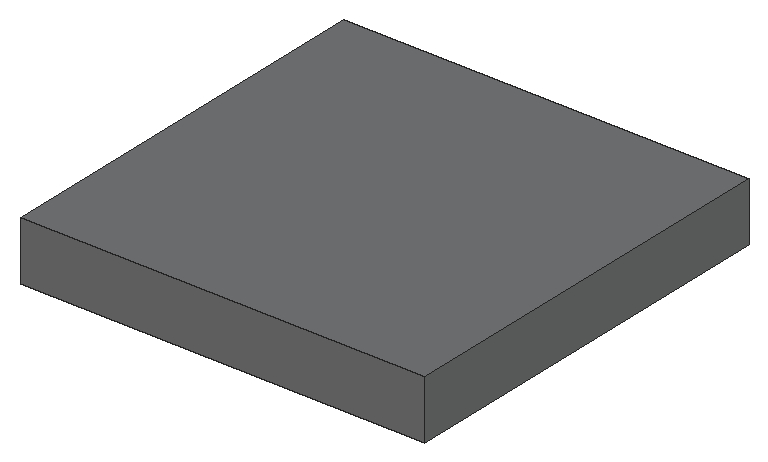
Revit family "Gira_027628", category Electrical Fixtures, host Face, Revit 2017
Family settings
  Host = Face
  Maintain Annotation Orientation = No
  Round Connector Dimension = Use Diameter
  Part Type = Normal
  Cut with Voids When Loaded = No
  Shared = No
  Room Calculation Point = No
Parameters (values of type "Cov. TAE USB System 55 anthra.")
  URL = "http://katalog.gira.de/en/datenblatt.html?artikelnr=027628"
  Transparent = "No"
  Name = "Cov. TAE USB System 55 anthra."
  Manufacturer URL = "https://www.gira.de/"
  Manufacturer = "Gira"
  Keynote = ""
  HeinzeBIM = "https://bimportal.heinze.de/bim/cov-tae-usb-system-55-anthra-/08d518ea8bc9bc0baba43281103bf8d52d42f7b5"
  HAN = "027628"
  GTIN = "4010337276289"
  Description = "Cov.TAE USB Sys55 AN,Cover for USB data interface,,anthracite,Notes :,- Suitable for USB power supply.,- Suitable for USB data interface."
  Default Elevation = 1219.2 mm
  Data sheet (1) = "https://katalog.gira.de/en/download.html?artikelnr=027628"
  Category = "Insert/cover for communication technology"
  BIM (1) = "https://media.stage.bim.site/public/gira/36a6b08/Sys55_Abdeckung_Schalten und Tasten.rfa?public/gira/36a6b08/Sys55_Abdeckung_Schalten und Tasten.rfa"
  Available = "No"
  Anthrazit [instance] = Anthrazit
Reference planes
  plane 1 "Center (Front/Back)": y = 0
  plane 2: z = 0
  plane 3 "Center (Left/Right)": x = 0
Forms (mm)
  Extrusion 1, solid, material "Anthrazit" <- "Anthrazit", detail levels fine
    sketch origin (0, 0, 0) x (1, 0, 0) y (0, 1, 0)
      loop
        line (-27.5, 27.5) -> (-27.5, -27.5) -> (27.5, -27.5) -> (27.5, 27.5) -> (-27.5, 27.5)
    from 0 to 8
  Extrusion 2, void
    sketch origin (0, 0, 0) x (1, 0, 0) y (0, 1, 0)
      loop
        line (26, 26) -> (-26, 26) -> (-26, -26) -> (26, -26) -> (26, 26)
    from 0 to 6
  Extrusion 3, solid, material "Anthrazit" <- "Anthrazit", detail levels medium
    sketch origin (0, 0, 0) x (1, 0, 0) y (0, 1, 0)
      loop
        line (-27.5, 27.5) -> (-27.5, -27.5) -> (27.5, -27.5) -> (27.5, 27.5) -> (-27.5, 27.5)
    from 0 to 8
  Extrusion 4, solid, material "Anthrazit" <- "Anthrazit", detail levels medium
    sketch origin (0, 0, 0) x (1, 0, 0) y (0, 1, 0)
      loop
        line (11, -17.5) -> (11, 17.5) -> (-11, 17.5) -> (-11, -17.5) -> (11, -17.5)
    from -6 to 6
  Extrusion 5, solid, material "Anthrazit" <- "Anthrazit", detail levels fine
    sketch origin (0, 0, 0) x (1, 0, 0) y (0, 1, 0)
      loop
        line (11, 17.5) -> (-11, 17.5) -> (-11, 16.5) -> (11, 16.5) -> (11, 17.5)
      loop
        line (-11, -16.5) -> (-11, -17.5) -> (11, -17.5) -> (11, -16.5) -> (-11, -16.5)
    from -4 to 6
  Extrusion 6, solid, material "Anthrazit" <- "Anthrazit", detail levels fine
    sketch origin (0, 0, 0) x (1, 0, 0) y (0, 1, 0)
      loop
        arc (5, 9.347) -> (0, 10.6) -> (-5, 9.347) r 10.6
        line (-5, 9.347) -> (-5, -9.347)
        arc (-5, -9.347) -> (0, -10.6) -> (5, -9.347) r 10.6
        line (5, -9.347) -> (5, 9.347)
    from -6 to 6
  Extrusion 7, solid, material "Anthrazit" <- "Anthrazit", detail levels coarse
    sketch origin (0, 0, 0) x (1, 0, 0) y (0, 1, 0)
      loop
        line (-27.5, 27.5) -> (-27.5, -27.5) -> (27.5, -27.5) -> (27.5, 27.5) -> (-27.5, 27.5)
    from -6 to 8
Cuts and joins
  Extrusion 2 cuts Extrusion 1
Dimensions and locks
  aligned and locked: plane 2 to host face
  aligned and locked: level to host face
